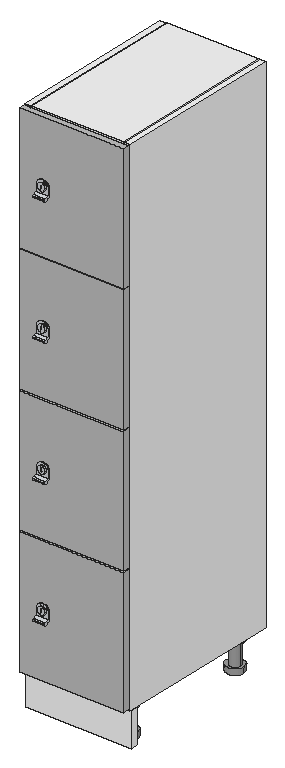
Revit family "1540H Locker Standard Door", category Casework, Revit 2016
Family settings
  OmniClass Number = 23.40.35.00
  OmniClass Title = Casework
  Work Plane-Based = No
  Always vertical = Yes
  Cut with Voids When Loaded = No
  Shared = No
  Room Calculation Point = No
Parameters (values of type "LW315S4ABNP")
  WarrantyGuarantorParts = "www.bisley.com"  # constant formula
  WarrantyGuarantorLabour = "www.bisley.com"  # constant formula
  WarrantyDurationUnit = "Years"  # constant formula
  WarrantyDurationParts = "5"  # constant formula
  WarrantyDurationLabour = "5"  # constant formula
  WarrantyDescription = "5 Years Parts & Labour"  # constant formula
  Uniclass2015Version = "3.1"  # constant formula
  Uniclass2015Title = "Lockers"  # constant formula
  Uniclass2015Code = "Pr_40_30_78_48"  # constant formula
  URL = "www.bisley.com"
  SustainabilityPerformance = "FSC Approved"  # constant formula
  SerialNumber = ""
  NominalWidth = Width  # 300 mm
  NominalLength = Depth  # 500 mm
  NominalHeight = Height  # 1540 mm
  Name = "1540H Standard Door"  # constant formula
  NBSReference = "45-35-80/380"  # constant formula
  NBSDescription = "General fittings, furnishings and equipment system"  # constant formula
  ModelReference = "LW315S4ABNP"
  Model = "Lockerwall"  # constant formula
  Material = "MFC"  # constant formula
  ManufacturerURL = "www.bisley.com"  # constant formula
  Manufacturer = "Bisley"  # constant formula
  ManufactureName = "Bisley"  # constant formula
  M3 Lock = no
  Foot [instance] = Foot 100 : Foot 100
  Finish = "Matt"  # constant formula
  E4 Lock = no
  DurationUnit = "Years"  # constant formula
  Depth = 500 mm
  Height = 1540 mm
  Width = 300 mm
  Carcass Material = "MFC"  # constant formula
  Author = "Bisley"  # constant formula
  AssetType = "Fixed"  # constant formula
  AB Lock = yes
Types (19, lengths in mm): name | NominalWidth | ModelReference | M3 Lock | E4 Lock | Width | AB Lock
  (no name) | 300 | "LW315S4ABNP" | no | no | 300 | yes
  LW315S4ABNP | 300 | "LW315S4ABNP" | no | no | 300 | yes
  LW315S4ABUK | 300 | "LW315S4ABUK" | no | no | 300 | yes
  LW315S4E4NP | 300 | "LW315S4E4NP" | no | yes | 300 | no
  LW315S4E4UK | 300 | "LW315S4E4UK" | no | yes | 300 | no
  LW315S4M3NP | 300 | "LW315S4M3NP" | yes | no | 300 | no
  LW315S4M3UK | 300 | "LW315S4M3UK" | yes | no | 300 | no
  LW415S4ABNP | 400 | "LW415S4ABNP" | no | no | 400 | yes
  LW415S4ABUK | 400 | "LW415S4ABUK" | no | no | 400 | yes
  LW415S4E4NP | 400 | "LW415S4E4NP" | no | yes | 400 | no
  LW415S4E4UK | 400 | "LW415S4E4UK" | no | yes | 400 | no
  LW415S4M3NP | 400 | "LW415S4M3NP" | yes | no | 400 | no
  LW415S4M3UK | 400 | "LW415S4M3UK" | yes | no | 400 | no
  LW515S4ABNP | 500 | "LW515S4ABNP" | no | no | 500 | yes
  LW515S4ABUK | 500 | "LW515S4ABUK" | no | no | 500 | yes
  LW515S4E4NP | 500 | "LW515S4E4NP" | no | yes | 500 | no
  LW515S4E4UK | 500 | "LW515S4E4UK" | no | yes | 500 | no
  LW515S4M3NP | 500 | "LW515S4M3NP" | yes | no | 500 | no
  LW515S4M3UK | 500 | "LW515S4M3UK" | yes | no | 500 | no
Reference planes
  plane 1 "Back": y = 0
  plane 2: z = 0
  plane 3 "Center (Left/Right)": x = 44.7
  plane 4 "Front": y = -500
  plane 5 "Left": x = -105.3
  plane 6 "Right": x = 194.7
  plane 7 "Top": z = 1540
  plane 8 "Base": z = 98
  plane 9 "Base Left": x = -87.3
  plane 10 "Base Right": x = 176.7
  plane 11: y = -482
  plane 12: y = -10.5
  plane 13: y = -29.5
  plane 14 "Back Base": z = 110.5
  plane 15: z = 1527.5
  plane 16: z = 95
  plane 17 "Plinth": y = -477
  plane 18: y = -459
  plane 19: z = 101
  plane 20: z = 457
  plane 21: z = 461
  plane 22: z = 817
  plane 23: z = 821
  plane 24: z = 1177
  plane 25: x = -103.3
  plane 26: x = 192.7
  plane 27 "Shelf 2": z = 810
  plane 28 "Shelf 1": z = 450
  plane 29 "Shelf 3": z = 1170
  plane 30: z = 1181
  plane 31: z = 1537
Forms (mm)
  Extrusion 1, solid, not visible
    sketch origin (-1691.73, 346.204, -12) x (1, 0, 0) y (0, 0, 1)
      loop
        line (48, 12) -> (56, 12) -> (56, 20) -> (48, 20) -> (48, 12)
    from 0 to 26
  Extrusion 2, solid, not visible
    sketch origin (-1683.73, 346.204, -12) x (-1, 0, 0) y (0, 0, -1)
      loop
        line (48, -12) -> (48, -20) -> (56, -20) -> (56, -12) -> (48, -12)
    from 0 to 26
  Extrusion 3, solid, not visible
    sketch origin (-1687.73, 350.204, -3.997) x (0, 1, 0) y (0, 0, 1)
      loop
        line (-26, 3.997) -> (-26, 11.997) -> (-34, 11.997) -> (-34, 3.997) -> (-26, 3.997)
    from -52 to 52
  Extrusion 4, solid, material "MFC 1"
    sketch origin (0, 0, 0) x (1, 0, 0) y (0, 1, 0)
      loop
        line (-105.3, -482) -> (-87.3, -482) -> (-87.3, 0) -> (-105.3, 0) -> (-105.3, -482)
    from 98 to 1540
  Extrusion 5, solid, material "MFC 1"
    sketch origin (0, 0, 98) x (-1, 0, 0) y (0, -1, 0)
      loop
        line (-176.7, 482) -> (-194.7, 482) -> (-194.7, 0) -> (-176.7, 0) -> (-176.7, 482)
    from 0 to 1442
  Extrusion 6, solid, material "MFC 1"
    sketch origin (0, 0, 98) x (-1, 0, 0) y (0, -1, 0)
      loop
        line (87.3, 482) -> (-176.7, 482) -> (-176.7, 0) -> (87.3, 0) -> (87.3, 482)
    from 0 to 18
  Extrusion 7, void
    sketch origin (176.7, 0, 0) x (0, 1, 0) y (0, 0, 1)
      loop
        line (-29.5, 110.5) -> (-10.5, 110.5) -> (-10.5, 116) -> (-29.5, 116) -> (-29.5, 110.5)
    from 0 to -264
  Extrusion 8, solid, material "MFC 1"
    sketch origin (0, 0, 1540) x (0, -1, 0) y (1, 0, 0)
      loop
        line (482, -87.3) -> (482, 176.7) -> (0, 176.7) -> (0, -87.3) -> (482, -87.3)
    from 0 to -15.5
  Extrusion 9, void
    sketch origin (176.7, 0, 0) x (0, 1, 0) y (0, 0, 1)
      loop
        line (-29.5, 1524.5) -> (-10.5, 1524.5) -> (-10.5, 1527.5) -> (-29.5, 1527.5) -> (-29.5, 1524.5)
    from 0 to -264
  Extrusion 10, solid, material "MFC 1"
    sketch origin (0, 0, 110.5) x (0, -1, 0) y (1, 0, 0)
      loop
        line (29.5, -87.3) -> (29.5, 176.7) -> (10.5, 176.7) -> (10.5, -87.3) -> (29.5, -87.3)
    from 0 to 1417
  Extrusion 11, solid, material "MFC 1"
    sketch origin (0, 0, 0) x (1, 0, 0) y (0, 1, 0)
      loop
        line (-105.3, -477) -> (194.7, -477) -> (194.7, -459) -> (-105.3, -459) -> (-105.3, -477)
    from 0 to 95
  Extrusion 12, solid, material "MFC 2"
    sketch origin (0, -500, 0) x (1, 0, 0) y (0, 0, 1)
      loop
        line (-103.3, 821) -> (192.7, 821) -> (192.7, 1177) -> (-103.3, 1177) -> (-103.3, 821)
    from 0 to -18
  Extrusion 13, solid, material "MFC 2"
    sketch origin (0, -500, 0) x (1, 0, 0) y (0, 0, 1)
      loop
        line (-103.3, 461) -> (192.7, 461) -> (192.7, 817) -> (-103.3, 817) -> (-103.3, 461)
    from 0 to -18
  Extrusion 14, solid, material "MFC 2"
    sketch origin (0, -500, 0) x (1, 0, 0) y (0, 0, 1)
      loop
        line (-103.3, 101) -> (192.7, 101) -> (192.7, 457) -> (-103.3, 457) -> (-103.3, 101)
    from 0 to -18
  Extrusion 15, solid, material "MFC 1"
    sketch origin (0, 0, 450) x (-1, 0, 0) y (0, -1, 0)
      loop
        line (87.3, 482) -> (-176.7, 482) -> (-176.7, 29.5) -> (87.3, 29.5) -> (87.3, 482)
    from 0 to 18
  Extrusion 16, solid, material "MFC 1"
    sketch origin (0, 0, 810) x (-1, 0, 0) y (0, -1, 0)
      loop
        line (87.3, 482) -> (-176.7, 482) -> (-176.7, 29.5) -> (87.3, 29.5) -> (87.3, 482)
    from 0 to 18
  Extrusion 17, solid, material "MFC 1"
    sketch origin (0, 0, 1170) x (-1, 0, 0) y (0, -1, 0)
      loop
        line (87.3, 482) -> (-176.7, 482) -> (-176.7, 29.5) -> (87.3, 29.5) -> (87.3, 482)
    from 0 to 18
  Extrusion 18, solid, material "MFC 2"
    sketch origin (0, -500, 0) x (1, 0, 0) y (0, 0, 1)
      loop
        line (-103.3, 1181) -> (192.7, 1181) -> (192.7, 1537) -> (-103.3, 1537) -> (-103.3, 1181)
    from 0 to -18
Cuts and joins
  Extrusion 7, Extrusion 9 cuts Extrusion 5
  Extrusion 7 cuts Extrusion 6
  Extrusion 9 cuts Extrusion 4
  Extrusion 9 cuts Extrusion 8
Dimensions and locks
  "Width": plane 6 "Right" to plane 5 "Left"
  equal spacing: plane 6 "Right", plane 3 "Center (Left/Right)", plane 5 "Left"
  "Depth": plane 4 "Front" to plane 1 "Back"
  "Height": level to plane 7 "Top"
  locked: plane 5 "Left" to plane 9 "Base Left" at 18
  locked: plane 10 "Base Right" to plane 6 "Right" at 18
  locked: plane 7 "Top" to plane 15 at 12.5
  Extrusion 10 to plane 1 "Back" = 10.5 mm
  locked: nested 1 to plane 6 "Right" at 68
  locked: nested 2 to plane 6 "Right" at 68
  locked: plane 1 "Back" to nested 3 at 79.5
  locked: plane 11 to plane 4 "Front" at 18
  locked: plane 17 "Plinth" to plane 4 "Front" at 23
  locked: plane 18 to plane 4 "Front" at 41
  locked: nested 1 to plane 4 "Front" at 91
  locked: plane 5 "Left" to nested 4 at 68
  locked: plane 5 "Left" to nested 3 at 68
  locked: plane 4 "Front" to nested 4 at 91
  locked: plane 6 "Right" to plane 26 at 2
  locked: plane 25 to plane 5 "Left" at 2
  locked: plane 5 "Left" to nested 7 at 51
  locked: plane 5 "Left" to nested 6 at 51
  locked: plane 5 "Left" to nested 5 at 51
  locked: plane 5 "Left" to nested 10 at 40.5
  locked: plane 5 "Left" to nested 9 at 40.5
  locked: plane 5 "Left" to nested 8 at 40.5
  locked: plane 5 "Left" to nested 13 at 54.3
  locked: plane 5 "Left" to nested 12 at 54.3
  locked: plane 5 "Left" to nested 11 at 54.3
  locked: plane 5 "Left" to nested 16 at 40.5
  locked: plane 5 "Left" to nested 14 at 51
  locked: plane 5 "Left" to nested 15 at 54.3
  aligned and locked: level to plane 2
  aligned and locked: Extrusion 4 sketch curve to plane 11
  aligned and locked: Extrusion 4 sketch curve to plane 5 "Left"
  aligned and locked: Extrusion 4 sketch curve to plane 1 "Back"
  aligned and locked: plane 9 "Base Left" to Extrusion 4 sketch curve
  aligned and locked: Extrusion 4 to plane 8 "Base"
  aligned and locked: Extrusion 4 to plane 7 "Top"
  aligned and locked: Extrusion 5 sketch curve to plane 11
  aligned and locked: Extrusion 5 sketch curve to plane 10 "Base Right"
  aligned and locked: Extrusion 5 sketch curve to plane 1 "Back"
  aligned and locked: plane 6 "Right" to Extrusion 5 sketch curve
  aligned and locked: Extrusion 5 to plane 7 "Top"
  aligned and locked: Extrusion 5 to plane 8 "Base"
  aligned and locked: Extrusion 4 to Extrusion 6 sketch curve
  aligned and locked: Extrusion 6 sketch curve to Extrusion 4
  aligned and locked: Extrusion 5 to Extrusion 6 sketch curve
  aligned and locked: Extrusion 6 sketch curve to Extrusion 5
  aligned and locked: plane 6 "Right" to Extrusion 5
  aligned and locked: Extrusion 7 to plane 9 "Base Left"
  aligned and locked: plane 10 "Base Right" to Extrusion 7
  aligned and locked: Extrusion 8 sketch curve to cut or joined group of Extrusion 6, Extrusion 7  (x2)
  aligned and locked: Extrusion 8 sketch curve to Extrusion 4
  aligned and locked: Extrusion 8 sketch curve to cut or joined group of Extrusion 5, Extrusion 7, Extrusion 9
  aligned and locked: plane 15 to Extrusion 9 sketch curve
  aligned and locked: Extrusion 10 sketch curve to cut or joined group of Extrusion 6, Extrusion 7  (x2)
  aligned and locked: cut or joined group of Extrusion 6, Extrusion 7 to Extrusion 10 sketch curve  (x2)
  aligned and locked: Extrusion 10 to plane 14 "Back Base"
  aligned and locked: plane 15 to Extrusion 10
  aligned and locked: Extrusion 9 to plane 9 "Base Left"
  aligned and locked: Extrusion 11 sketch curve to plane 17 "Plinth"
  aligned and locked: Extrusion 11 sketch curve to plane 5 "Left"
  aligned and locked: plane 18 to Extrusion 11 sketch curve
  aligned and locked: plane 6 "Right" to Extrusion 11 sketch curve
  aligned and locked: Extrusion 11 to plane 5 "Left"
  aligned and locked: plane 6 "Right" to Extrusion 11
  aligned and locked: Extrusion 5 to plane 11
  aligned and locked: Extrusion 4 to plane 11
  aligned and locked: Extrusion 12 to plane 25
  aligned and locked: plane 26 to Extrusion 12
  aligned and locked: Extrusion 12 to plane 23
  aligned and locked: plane 24 to Extrusion 12
  aligned and locked: Extrusion 13 sketch curve to plane 21
  aligned and locked: Extrusion 13 sketch curve to plane 25
  aligned and locked: plane 22 to Extrusion 13 sketch curve
  aligned and locked: plane 26 to Extrusion 13 sketch curve
  aligned and locked: Extrusion 14 sketch curve to plane 19
  aligned and locked: Extrusion 14 sketch curve to plane 25
  aligned and locked: plane 20 to Extrusion 14 sketch curve
  aligned and locked: plane 26 to Extrusion 14 sketch curve
  aligned and locked: Extrusion 15 sketch curve to cut or joined group of Extrusion 6, Extrusion 7  (x2)
  aligned and locked: cut or joined group of Extrusion 6, Extrusion 7 to Extrusion 15 sketch curve
  aligned and locked: nested 2 to Extrusion 15 sketch curve
  aligned and locked: Extrusion 16 sketch curve to cut or joined group of Extrusion 6, Extrusion 7  (x2)
  aligned and locked: cut or joined group of Extrusion 6, Extrusion 7 to Extrusion 16 sketch curve
  aligned and locked: nested 2 to Extrusion 16 sketch curve
  aligned and locked: Extrusion 8 to plane 7 "Top"
  aligned and locked: Extrusion 17 sketch curve to cut or joined group of Extrusion 6, Extrusion 7  (x2)
  aligned and locked: cut or joined group of Extrusion 6, Extrusion 7 to Extrusion 17 sketch curve
  aligned and locked: nested 2 to Extrusion 17 sketch curve
  aligned and locked: Extrusion 18 sketch curve to plane 30
  aligned and locked: Extrusion 18 sketch curve to plane 25
  aligned and locked: plane 31 to Extrusion 18 sketch curve
  aligned and locked: plane 26 to Extrusion 18 sketch curve
  aligned and locked: cut or joined group of Extrusion 5, Extrusion 7, Extrusion 9 to Extrusion 8
Automatic sketch dimensions
  Extrusion 1 sketch curve to Extrusion 1 sketch curve = 8 mm  (x2)
  Extrusion 2 sketch curve to Extrusion 2 sketch curve = 8 mm  (x2)
  Extrusion 3 sketch curve to Extrusion 3 sketch curve = 8 mm  (x2)
  Extrusion 7 sketch curve to plane 13 = 0 mm
  Extrusion 7 sketch curve to plane 12 = 0 mm
  Extrusion 7 sketch curve to plane 14 "Back Base" = 0 mm
  Extrusion 7 sketch curve to Extrusion 7 sketch curve = 5.5 mm
  Extrusion 9 sketch curve to plane 13 = 0 mm
  Extrusion 9 sketch curve to plane 12 = 0 mm
  Extrusion 9 sketch curve to Extrusion 9 sketch curve = 3 mm
  plane 24 to Extrusion 12 sketch curve = 0 mm
  Extrusion 12 sketch curve to plane 25 = 0 mm
  plane 26 to Extrusion 12 sketch curve = 0 mm
  Extrusion 12 sketch curve to plane 23 = 0 mm
Nested families
  nested 1: "Foot 100" at (196.401, -409, 0) x (-1, 0, 0) z (0, 0, 1), type "Foot 100"
  nested 2: "Foot 100" at (196.401, -29.5, 0) x (-1, 0, 0) z (0, 0, 1), type "Foot 100"
  nested 3: "Foot 100" at (-107, -29.5, 0), type "Foot 100"
  nested 4: "Foot 100" at (-107, -409, 0), type "Foot 100"
  nested 5: "AB Lock" at (-82, -500, 253), visible <- "AB Lock", type "AB Lock"
  nested 6: "AB Lock" at (-82, -500, 613), visible <- "AB Lock", type "AB Lock"
  nested 7: "AB Lock" at (-82, -500, 973), visible <- "AB Lock", type "AB Lock"
  nested 8: "M3 Lock" at (-93, -500, 256), visible <- "M3 Lock", type "M3 Lock"
  nested 9: "M3 Lock" at (-93, -500, 616), visible <- "M3 Lock", type "M3 Lock"
  nested 10: "M3 Lock" at (-93, -500, 976), visible <- "M3 Lock", type "M3 Lock"
  nested 11: "E4 Lock" at (-83, -500, 265), visible <- "E4 Lock", type "E4 Lock"
  nested 12: "E4 Lock" at (-83, -500, 625), visible <- "E4 Lock", type "E4 Lock"
  nested 13: "E4 Lock" at (-83, -500, 985), visible <- "E4 Lock", type "E4 Lock"
  nested 14: "AB Lock" at (-82, -500, 1333), visible <- "AB Lock", type "AB Lock"
  nested 15: "E4 Lock" at (-83, -500, 1345), visible <- "E4 Lock", type "E4 Lock"
  nested 16: "M3 Lock" at (-93, -500, 1336), visible <- "M3 Lock", type "M3 Lock"
Definition of nested family "Foot 100"
  Parameters (values of type "Foot 100")
    WarrantyGuarantorParts = "www.bisley.com"  # constant formula
    WarrantyGuarantorLabour = "www.bisley.com"  # constant formula
    WarrantyDurationUnit = "Years"  # constant formula
    WarrantyDurationParts = "5"  # constant formula
    WarrantyDurationLabour = "5"  # constant formula
    WarrantyDescription = "5 Years Parts & Labour"  # constant formula
    Uniclass2015Version = ""
    Uniclass2015Title = ""
    Uniclass2015Code = ""
    URL = "www.bisley.com"
    SustainabilityPerformance = "FSC Approved"  # constant formula
    SerialNumber = ""
    NominalWidth = Width  # 50 mm
    NominalLength = Depth  # 50 mm
    NominalHeight = Height  # 900 mm
    Name = ""
    NBSReference = ""
    NBSDescription = "General fittings, furnishings and equipment system"  # constant formula
    ModelReference = ""
    Model = "Abode"  # constant formula
    Material = "MFC"  # constant formula
    ManufacturerURL = "www.bisley.com"  # constant formula
    Manufacturer = "Bisley"  # constant formula
    ManufactureName = "Bisley"  # constant formula
    Finish = "Matt"  # constant formula
    ExpectedLife = "25"  # constant formula
    DurationUnit = "Years"  # constant formula
    Depth = 50 mm
    Height = 900 mm
    Width = 50 mm
    Carcass Material = "MFC"  # constant formula
    Author = "Bisley"  # constant formula
    AssetType = "Fixed"  # constant formula
  Reference planes
    plane 1 "Back": y = 0
    plane 2: z = 0
    plane 3 "Center (Left/Right)": x = 44.7
    plane 4 "Front": y = -50
    plane 5 "Left": x = 19.7
    plane 6 "Right": x = 69.7
    plane 7 "Top": z = 900
    plane 8: y = -25
    plane 9 "Foot top": z = 98
    plane 10: y = 0
    plane 11: y = -50
    plane 12: x = 19.7
    plane 13: x = 69.7
    plane 14: x = 24.7
    plane 15: y = -5
  Forms (mm)
    Extrusion 1, solid, not visible
      sketch origin (-1691.73, 346.204, -12) x (1, 0, 0) y (0, 0, 1)
        loop
          line (48, 12) -> (56, 12) -> (56, 20) -> (48, 20) -> (48, 12)
      from 0 to 26
    Extrusion 2, solid, not visible
      sketch origin (-1683.73, 346.204, -12) x (-1, 0, 0) y (0, 0, -1)
        loop
          line (48, -12) -> (48, -20) -> (56, -20) -> (56, -12) -> (48, -12)
      from 0 to 26
    Extrusion 3, solid, not visible
      sketch origin (-1687.73, 350.204, -3.997) x (0, 1, 0) y (0, 0, 1)
        loop
          line (-26, 3.997) -> (-26, 11.997) -> (-34, 11.997) -> (-34, 3.997) -> (-26, 3.997)
      from -52 to 52
    Extrusion 4, solid
      sketch origin (0, 275, 0) x (1, 0, 0) y (0, 1, 0)
        loop
          circle (44.7, -300) r 25
      from 0 to 15
    Extrusion 5, solid
      sketch origin (0, 275, 0) x (1, 0, 0) y (0, 1, 0)
        loop
          circle (44.7, -300) r 15
      from 15 to 78
    Extrusion 6, solid
      sketch origin (0, 275, 0) x (1, 0, 0) y (0, 1, 0)
        loop
          circle (44.7, -300) r 25
      from 78 to 98
    Extrusion 7, solid
      sketch origin (0, 275, 98) x (-1, 0, 0) y (0, -1, 0)
        loop
          line (-19.7, 325) -> (-69.7, 325) -> (-69.7, 275) -> (-19.7, 275) -> (-19.7, 325)
      from 0 to -10
    Extrusion 8, void
      sketch origin (0, 275, 98) x (-1, 0, 0) y (0, -1, 0)
        loop
          circle (-24.7, 280) r 2.5
      from 0 to -10
    Extrusion 9, void
      sketch origin (89.401, 275, 98) x (1, 0, 0) y (0, 1, 0)
        loop
          circle (-24.7, -280) r 2.5
      from 0 to -10
    Extrusion 10, void
      sketch origin (0, -325, 98) x (-1, 0, 0) y (0, -1, 0)
        loop
          circle (-24.7, -280) r 2.5
      from 0 to -10
    Extrusion 11, void
      sketch origin (89.401, -325, 98) x (1, 0, 0) y (0, 1, 0)
        loop
          circle (-24.7, 280) r 2.5
      from 0 to -10
  Cuts and joins
    Extrusion 8, Extrusion 9, Extrusion 10, Extrusion 11 cuts Extrusion 4
    Extrusion 8, Extrusion 9, Extrusion 10, Extrusion 11 cuts Extrusion 5
    Extrusion 8, Extrusion 9, Extrusion 10, Extrusion 11 cuts Extrusion 6
    Extrusion 8, Extrusion 9, Extrusion 10, Extrusion 11 cuts Extrusion 7
    joined: Extrusion 4, Extrusion 5, Extrusion 6, Extrusion 7
  Dimensions and locks
    "Width": plane 6 "Right" to plane 5 "Left"
    equal spacing: plane 6 "Right", plane 3 "Center (Left/Right)", plane 5 "Left"
    "Depth": plane 4 "Front" to plane 1 "Back"
    "Height": level to plane 7 "Top"
    aligned and locked: level to plane 2
    aligned and locked: Extrusion 5 to Extrusion 4
    aligned and locked: Extrusion 4 to level
    aligned and locked: Extrusion 6 to Extrusion 5
    aligned and locked: plane 9 "Foot top" to Extrusion 6
  Automatic sketch dimensions
    Extrusion 1 sketch curve to Extrusion 1 sketch curve = 8 mm  (x2)
    Extrusion 2 sketch curve to Extrusion 2 sketch curve = 8 mm  (x2)
    Extrusion 3 sketch curve to Extrusion 3 sketch curve = 8 mm  (x2)
    Extrusion 4 sketch curve to plane 3 "Center (Left/Right)" = 0 mm
    plane 8 to Extrusion 4 sketch curve = 0 mm
    Extrusion 5 sketch curve to plane 3 "Center (Left/Right)" = 0 mm
    plane 8 to Extrusion 5 sketch curve = 0 mm
    Extrusion 6 sketch curve to plane 3 "Center (Left/Right)" = 0 mm
    plane 8 to Extrusion 6 sketch curve = 0 mm
    Extrusion 7 sketch curve to plane 11 = 0 mm
    Extrusion 7 sketch curve to plane 13 = 0 mm
    plane 10 to Extrusion 7 sketch curve = 0 mm
    Extrusion 7 sketch curve to plane 12 = 0 mm
    Extrusion 8 sketch curve to plane 14 = 0 mm
    Extrusion 8 sketch curve to plane 15 = 0 mm
    plane 15 to Extrusion 9 sketch curve = 0 mm
    plane 13 to Extrusion 9 sketch curve = 5 mm
    Extrusion 10 sketch curve to plane 14 = 0 mm
    Extrusion 10 sketch curve to plane 11 = 5 mm
    Extrusion 11 sketch curve to plane 13 = 5 mm
    plane 11 to Extrusion 11 sketch curve = 5 mm
    radius of Extrusion 4 sketch curve = 25 mm
    radius of Extrusion 5 sketch curve = 15 mm
    radius of Extrusion 6 sketch curve = 25 mm
    radius of Extrusion 8 sketch curve = 2.5 mm
    radius of Extrusion 9 sketch curve = 2.5 mm
    radius of Extrusion 10 sketch curve = 2.5 mm
    radius of Extrusion 11 sketch curve = 2.5 mm
Definition of nested family "AB Lock"
  Parameters (values of type "AB Lock")
    WarrantyGuarantorParts = "www.bisley.com"  # constant formula
    WarrantyGuarantorLabour = "www.bisley.com"  # constant formula
    WarrantyDurationUnit = "Years"  # constant formula
    WarrantyDurationParts = "5"  # constant formula
    WarrantyDurationLabour = "5"  # constant formula
    WarrantyDescription = "5 Years Parts & Labour"  # constant formula
    Uniclass2015Version = ""
    Uniclass2015Title = ""
    Uniclass2015Code = ""
    URL = "www.bisley.com"
    SustainabilityPerformance = "FSC Approved"  # constant formula
    SerialNumber = ""
    NominalWidth = Width  # 34 mm
    NominalLength = Depth  # 15 mm
    NominalHeight = Height  # 45 mm
    Name = ""
    NBSReference = ""
    NBSDescription = "General fittings, furnishings and equipment system"  # constant formula
    ModelReference = ""
    Model = "Abode"  # constant formula
    Material = "MFC"  # constant formula
    ManufacturerURL = "www.bisley.com"  # constant formula
    Manufacturer = "Bisley"  # constant formula
    ManufactureName = "Bisley"  # constant formula
    Finish = "Matt"  # constant formula
    ExpectedLife = "25"  # constant formula
    DurationUnit = "Years"  # constant formula
    Depth = 15 mm
    Height = 45 mm
    Width = 34 mm
    Carcass Material = "MFC"  # constant formula
    Author = "Bisley"  # constant formula
    AssetType = "Fixed"  # constant formula
  Reference planes
    plane 1 "Back": y = 0
    plane 2: z = 0
    plane 3 "Center (Left/Right)": x = 44.7
    plane 4 "Front": y = -15
    plane 5 "Left": x = 27.7
    plane 6 "Right": x = 61.7
    plane 7 "Top": z = 45
    plane 8: z = 28
    plane 9: z = 3
    plane 10: x = 31.2
    plane 11: x = 58.2
    plane 12: z = 6
    plane 13: y = -12
    plane 14: z = 10
    plane 15 "Lockback": y = -3
    plane 16: x = 43.2
    plane 17: x = 46.2
    plane 18: z = 32
    plane 19: z = 24
  Forms (mm)
    Extrusion 1, solid, not visible
      sketch origin (-1691.73, 346.204, -12) x (1, 0, 0) y (0, 0, 1)
        loop
          line (48, 12) -> (56, 12) -> (56, 20) -> (48, 20) -> (48, 12)
      from 0 to 26
    Extrusion 2, solid, not visible
      sketch origin (-1683.73, 346.204, -12) x (-1, 0, 0) y (0, 0, -1)
        loop
          line (48, -12) -> (48, -20) -> (56, -20) -> (56, -12) -> (48, -12)
      from 0 to 26
    Extrusion 3, solid, not visible
      sketch origin (-1687.73, 350.204, -3.997) x (0, 1, 0) y (0, 0, 1)
        loop
          line (-26, 3.997) -> (-26, 11.997) -> (-34, 11.997) -> (-34, 3.997) -> (-26, 3.997)
      from -52 to 52
    Extrusion 4, solid
      sketch origin (0, 0, 0) x (1, 0, 0) y (0, 0, 1)
        loop
          line (27.7, 28) -> (27.7, 6) -> (61.7, 6) -> (61.7, 28)
          arc (61.7, 28) -> (44.7, 45) -> (27.7, 28) r 17
      from 0 to 3
    Extrusion 5, solid
      sketch origin (27.7, 0, 0) x (0, 1, 0) y (0, 0, 1)
        loop
          circle (-12, 3) r 3
      from 0 to 34
    Extrusion 6, solid
      sketch origin (27.7, 0, 0) x (0, 1, 0) y (0, 0, 1)
        loop
          line (0, 6) -> (-3, 10)
          arc (-3, 10) -> (-7.815, 8.71) -> (-12, 6) r 16
          arc (-12, 6) -> (-9.879, 5.121) -> (-9, 3) r 3
          arc (-9, 3) -> (-4.809, 5.427) -> (0, 6) r 12
      from 0 to 34
    Extrusion 7, void
      sketch origin (27.7, 0, 0) x (0, 1, 0) y (0, 0, 1)
        loop
          line (-3, 10) -> (-3, 6) -> (0, 6) -> (-3, 10)
      from 0 to 34
    Extrusion 8, solid
      sketch origin (0, -3, 0) x (-1, 0, 0) y (0, 0, 1)
        loop
          circle (-44.7, 28) r 10.5
      from 0 to -3
    Extrusion 9, void
      sketch origin (0, -3, 0) x (-1, 0, 0) y (0, 0, 1)
        loop
          line (-43.2, 24) -> (-43.2, 32) -> (-46.2, 32) -> (-46.2, 24) -> (-43.2, 24)
      from 0 to -3
  Cuts and joins
    Extrusion 7, Extrusion 9 cuts Extrusion 4
    Extrusion 9 cuts Extrusion 5
    Extrusion 9 cuts Extrusion 6
    joined: Extrusion 4, Extrusion 5, Extrusion 6
    Extrusion 9 cuts Extrusion 8
  Lines and regions (mm)
    reference lines
      curve 1: arc (27.7, 0, 6) -> (27.7, -4.809, 5.427) -> (27.7, -9, 3) r 12
      curve 2: arc (27.7, -3, 10) -> (27.7, -7.815, 8.71) -> (27.7, -12, 6) r 16
  Dimensions and locks
    "Width": plane 6 "Right" to plane 5 "Left"
    equal spacing: plane 6 "Right", plane 3 "Center (Left/Right)", plane 5 "Left"
    "Depth": plane 4 "Front" to plane 1 "Back"
    "Height": level to plane 7 "Top"
    aligned and locked: level to plane 2
  Automatic sketch dimensions
    Extrusion 1 sketch curve to Extrusion 1 sketch curve = 8 mm  (x2)
    Extrusion 2 sketch curve to Extrusion 2 sketch curve = 8 mm  (x2)
    Extrusion 3 sketch curve to Extrusion 3 sketch curve = 8 mm  (x2)
    Extrusion 4 sketch curve to plane 5 "Left" = 0 mm
    Extrusion 4 sketch curve to plane 6 "Right" = 0 mm
    Extrusion 4 sketch curve to plane 12 = 0 mm
    Extrusion 4 sketch curve to plane 8 = 0 mm
    Extrusion 5 sketch curve to plane 9 = 0 mm
    Extrusion 5 sketch curve to plane 13 = 0 mm
    curve 2 to plane 12 = 0 mm
    curve 2 to plane 13 = 0 mm
    curve 1 to plane 9 = 0 mm
    plane 14 to curve 2 = 0 mm
    curve 1 to plane 1 "Back" = 0 mm
    curve 1 to plane 12 = 0 mm
    plane 1 "Back" to curve 2 = 1.317 mm
    curve 2 to curve 1 = 0.303 mm
    curve 2 to level = 5.911 mm
    curve 1 to curve 2 = 0.046 mm
    Extrusion 6 sketch curve to plane 12 = 0 mm  (x2)
    Extrusion 6 sketch curve to plane 13 = 0 mm
    Extrusion 6 sketch curve to plane 9 = 0 mm
    plane 14 to Extrusion 6 sketch curve = 0 mm
    Extrusion 6 sketch curve to plane 1 "Back" = 0 mm
    plane 1 "Back" to Extrusion 6 sketch curve = 3 mm
    plane 1 "Back" to Extrusion 6 sketch curve = 1.317 mm
    Extrusion 6 sketch curve to Extrusion 6 sketch curve = 0.303 mm
    Extrusion 7 sketch curve to plane 12 = 0 mm
    plane 14 to Extrusion 7 sketch curve = 0 mm
    Extrusion 7 sketch curve to plane 1 "Back" = 0 mm
    plane 1 "Back" to Extrusion 7 sketch curve = 3 mm
    Extrusion 8 sketch curve to plane 3 "Center (Left/Right)" = 0 mm
    Extrusion 8 sketch curve to plane 8 = 0 mm
    Extrusion 9 sketch curve to plane 17 = 0 mm
    Extrusion 9 sketch curve to plane 16 = 0 mm
    Extrusion 9 sketch curve to plane 19 = 0 mm
    Extrusion 9 sketch curve to plane 18 = 0 mm
    radius of Extrusion 5 sketch curve = 3 mm
    radius of Extrusion 8 sketch curve = 10.5 mm
Definition of nested family "M3 Lock"
  Parameters (values of type "M3 Lock")
    WarrantyGuarantorParts = "www.bisley.com"  # constant formula
    WarrantyGuarantorLabour = "www.bisley.com"  # constant formula
    WarrantyDurationUnit = "Years"  # constant formula
    WarrantyDurationParts = "5"  # constant formula
    WarrantyDurationLabour = "5"  # constant formula
    WarrantyDescription = "5 Years Parts & Labour"  # constant formula
    Uniclass2015Version = ""
    Uniclass2015Title = ""
    Uniclass2015Code = ""
    URL = "www.bisley.com"
    SustainabilityPerformance = "FSC Approved"  # constant formula
    SerialNumber = ""
    NominalWidth = Width  # 33 mm
    NominalLength = Depth  # 21.5 mm
    NominalHeight = Height  # 83.5 mm
    Name = ""
    NBSReference = ""
    NBSDescription = "General fittings, furnishings and equipment system"  # constant formula
    ModelReference = ""
    Model = "Abode"  # constant formula
    Material = "MFC"  # constant formula
    ManufacturerURL = "www.bisley.com"  # constant formula
    Manufacturer = "Bisley"  # constant formula
    ManufactureName = "Bisley"  # constant formula
    Finish = "Matt"  # constant formula
    ExpectedLife = "25"  # constant formula
    DurationUnit = "Years"  # constant formula
    Depth = 21.5 mm
    Height = 83.5 mm
    Width = 33 mm
    Carcass Material = "MFC"  # constant formula
    Author = "Bisley"  # constant formula
    AssetType = "Fixed"  # constant formula
  Reference planes
    plane 1 "Back": y = 0
    plane 2: z = 0
    plane 3 "Center (Left/Right)": x = 44.7
    plane 4 "Front": y = -21.5
    plane 5 "Left": x = 28.2
    plane 6 "Right": x = 61.2
    plane 7 "Top": z = 83.5
    plane 8 "BackFront": y = -3.045
    plane 9: x = 32.2
    plane 10: z = 79.5
    plane 11: x = 57.2
    plane 12: z = 4
    plane 13: x = 32.2
    plane 14: x = 57.2
    plane 15 "Barrel Base": z = 30.5
    plane 16: x = 40.5
    plane 17: x = 48.9
    plane 18: y = -4.445
    plane 19: z = 74.5
    plane 20 "L4": z = 69.8
    plane 21: z = 64.9
    plane 22 "L3": z = 60.2
    plane 23: z = 55.3
    plane 24 "L2": z = 50.6
    plane 25: z = 45.7
    plane 26 "L1": z = 41
    plane 27: x = 38.2
    plane 28: x = 51.2
    plane 29: y = -4.945
    plane 30: z = 40.5
    plane 31 "l-1": z = 38.5
    plane 32: z = 16
    plane 33: y = -9.045
    plane 34 "Thumbturn": y = -19.5
    plane 35: x = 43.2
    plane 36: x = 46.2
    plane 37: z = 20
    plane 38: z = 12
  Forms (mm)
    Extrusion 1, solid, not visible
      sketch origin (-1691.73, 346.204, -12) x (1, 0, 0) y (0, 0, 1)
        loop
          line (48, 12) -> (56, 12) -> (56, 20) -> (48, 20) -> (48, 12)
      from 0 to 26
    Extrusion 2, solid, not visible
      sketch origin (-1683.73, 346.204, -12) x (-1, 0, 0) y (0, 0, -1)
        loop
          line (48, -12) -> (48, -20) -> (56, -20) -> (56, -12) -> (48, -12)
      from 0 to 26
    Extrusion 3, solid, not visible
      sketch origin (-1687.73, 350.204, -3.997) x (0, 1, 0) y (0, 0, 1)
        loop
          line (-26, 3.997) -> (-26, 11.997) -> (-34, 11.997) -> (-34, 3.997) -> (-26, 3.997)
      from -52 to 52
    Extrusion 4, solid
      sketch origin (0, 0, 0) x (1, 0, 0) y (0, 0, 1)
        loop
          line (28.2, 0) -> (61.2, 0) -> (61.2, 83.5) -> (28.2, 83.5) -> (28.2, 0)
      from 0 to 3
    Extrusion 5, void
      sketch origin (0, 0, 0) x (1, 0, 0) y (0, 0, 1)
        loop
          arc (28.2, 79.5) -> (29.372, 82.328) -> (32.2, 83.5) r 4
          line (32.2, 83.5) -> (28.2, 83.5) -> (28.2, 79.5)
      from 0 to 3
    Extrusion 6, void
      sketch origin (0, 0, 0) x (1, 0, 0) y (0, 0, 1)
        loop
          arc (57.2, 83.5) -> (60.029, 82.328) -> (61.2, 79.5) r 4
          line (61.2, 79.5) -> (61.2, 83.5) -> (57.2, 83.5)
      from 0 to 3
    Extrusion 7, void
      sketch origin (0, 0, 0) x (1, 0, 0) y (0, 0, 1)
        loop
          arc (32.2, 0) -> (29.372, 1.172) -> (28.2, 4) r 4
          line (28.2, 4) -> (28.2, 0) -> (32.2, 0)
      from 0 to 3
    Extrusion 8, void
      sketch origin (0, 0, 0) x (1, 0, 0) y (0, 0, 1)
        loop
          line (57.2, 0) -> (61.2, 0) -> (61.2, 4)
          arc (61.2, 4) -> (60.029, 1.172) -> (57.2, 0) r 4
      from 0 to 3
    Extrusion 9, solid
      sketch origin (0, 0, 30.5) x (-1, 0, 0) y (0, -1, 0)
        loop
          arc (-40.5, 3) -> (-44.7, 4.445) -> (-48.9, 3) r 6.827
          line (-48.9, 3) -> (-40.5, 3)
      from 0 to 49
    Extrusion 10, solid
      sketch origin (0, 0, 41) x (-1, 0, 0) y (0, -1, 0)
        loop
          arc (-38.2, 3) -> (-44.7, 4.945) -> (-51.2, 3) r 11.835
          line (-51.2, 3) -> (-38.2, 3)
      from 0 to 4.7
    Extrusion 11, solid
      sketch origin (0, 0, 50.6) x (-1, 0, 0) y (0, -1, 0)
        loop
          arc (-38.2, 3) -> (-44.7, 4.945) -> (-51.2, 3) r 11.835
          line (-51.2, 3) -> (-38.2, 3)
      from 0 to 4.7
    Extrusion 12, solid
      sketch origin (0, 0, 60.2) x (-1, 0, 0) y (0, -1, 0)
        loop
          arc (-38.2, 3) -> (-44.7, 4.945) -> (-51.2, 3) r 11.835
          line (-51.2, 3) -> (-38.2, 3)
      from 0 to 4.7
    Extrusion 13, solid
      sketch origin (0, 0, 69.8) x (-1, 0, 0) y (0, -1, 0)
        loop
          arc (-38.2, 3) -> (-44.7, 4.945) -> (-51.2, 3) r 11.835
          line (-51.2, 3) -> (-38.2, 3)
      from 0 to 4.7
    Extrusion 14, solid
      sketch origin (0, 0, 38.5) x (-1, 0, 0) y (0, -1, 0)
        loop
          arc (-38.2, 3) -> (-44.7, 4.945) -> (-51.2, 3) r 11.835
          line (-51.2, 3) -> (-38.2, 3)
      from 0 to 2
    Extrusion 15, solid
      sketch origin (0, -3.045, 0) x (-1, 0, 0) y (0, 0, 1)
        loop
          circle (-44.7, 16) r 14.25
      from 0 to -4
    Extrusion 16, solid
      sketch origin (0, -3.045, 0) x (-1, 0, 0) y (0, 0, 1)
        loop
          circle (-44.7, 16) r 12.7
      from 0 to -18.455
    Extrusion 17, void
      sketch origin (0, -21.5, 0) x (1, 0, 0) y (0, 0, 1)
        loop
          circle (44.7, 16) r 7.362
      from 0 to -1
    Extrusion 18, solid
      sketch origin (0, -21.5, 0) x (1, 0, 0) y (0, 0, 1)
        loop
          line (40.5, 29.617) -> (40.5, 27.985)
          arc (40.5, 27.985) -> (44.7, 28.7) -> (48.9, 27.985) r 12.7
          line (48.9, 27.985) -> (48.9, 29.617)
          arc (48.9, 29.617) -> (44.7, 30.25) -> (40.5, 29.617) r 14.25
      from 0 to -14.5
    Extrusion 19, solid
      sketch origin (0, -20.483, 0) x (1, 0, 0) y (0, 0, 1)
        loop
          circle (44.7, 16) r 13.48
      from 0 to -1.5
    Extrusion 20, void
      sketch origin (0, -21.5, 0) x (1, 0, 0) y (0, 0, 1)
        loop
          line (43.2, 12) -> (46.2, 12) -> (46.2, 20) -> (43.2, 20) -> (43.2, 12)
      from 0 to -10.5
  Cuts and joins
    Extrusion 5, Extrusion 6, Extrusion 7, Extrusion 8, Extrusion 17, Extrusion 20 cuts Extrusion 4
    Extrusion 17, Extrusion 20 cuts Extrusion 9
    Extrusion 17, Extrusion 20 cuts Extrusion 10
    Extrusion 17, Extrusion 20 cuts Extrusion 11
    Extrusion 17, Extrusion 20 cuts Extrusion 12
    Extrusion 17, Extrusion 20 cuts Extrusion 13
    Extrusion 17, Extrusion 20 cuts Extrusion 14
    Extrusion 17, Extrusion 20 cuts Extrusion 15
    Extrusion 17, Extrusion 20 cuts Extrusion 16
    Extrusion 20 cuts Extrusion 18
    Extrusion 20 cuts Extrusion 19
    joined: Extrusion 4, Extrusion 9, Extrusion 10, Extrusion 11, Extrusion 12, Extrusion 13, Extrusion 14, Extrusion 15, Extrusion 16, Extrusion 18, Extrusion 19
  Dimensions and locks
    "Width": plane 6 "Right" to plane 5 "Left"
    equal spacing: plane 6 "Right", plane 3 "Center (Left/Right)", plane 5 "Left"
    "Depth": plane 4 "Front" to plane 1 "Back"
    "Height": level to plane 7 "Top"
    aligned and locked: level to plane 2
    aligned and locked: plane 10 to Extrusion 9
    aligned and locked: Extrusion 9 to plane 15 "Barrel Base"
    aligned and locked: Extrusion 4 to plane 7 "Top"
    aligned and locked: plane 6 "Right" to Extrusion 4
    aligned and locked: Extrusion 4 to plane 5 "Left"
    aligned and locked: Extrusion 4 to level
  Automatic sketch dimensions
    Extrusion 1 sketch curve to Extrusion 1 sketch curve = 8 mm  (x2)
    Extrusion 2 sketch curve to Extrusion 2 sketch curve = 8 mm  (x2)
    Extrusion 3 sketch curve to Extrusion 3 sketch curve = 8 mm  (x2)
    Extrusion 4 sketch curve to plane 5 "Left" = 0 mm
    Extrusion 4 sketch curve to plane 6 "Right" = 0 mm
    Extrusion 4 sketch curve to level = 0 mm
    Extrusion 4 sketch curve to plane 7 "Top" = 0 mm
    Extrusion 5 sketch curve to plane 7 "Top" = 0 mm
    Extrusion 5 sketch curve to plane 9 = 0 mm
    Extrusion 5 sketch curve to plane 10 = 0 mm
    Extrusion 6 sketch curve to plane 7 "Top" = 0 mm  (x2)
    Extrusion 6 sketch curve to plane 11 = 0 mm
    Extrusion 6 sketch curve to plane 6 "Right" = 0 mm
    Extrusion 6 sketch curve to plane 10 = 0 mm
    Extrusion 7 sketch curve to level = 0 mm
    Extrusion 7 sketch curve to plane 5 "Left" = 0 mm
    plane 9 to Extrusion 7 sketch curve = 0 mm  (x2)
    Extrusion 7 sketch curve to plane 12 = 0 mm
    Extrusion 8 sketch curve to level = 0 mm
    plane 11 to Extrusion 8 sketch curve = 0 mm
    Extrusion 8 sketch curve to plane 12 = 0 mm
    Extrusion 9 sketch curve to plane 17 = 0 mm
    Extrusion 9 sketch curve to plane 16 = 0 mm
    Extrusion 9 sketch curve to plane 1 "Back" = 2.382 mm
    plane 8 "BackFront" to Extrusion 9 sketch curve = 0.045 mm
    Extrusion 10 sketch curve to plane 28 = 0 mm
    Extrusion 10 sketch curve to plane 27 = 0 mm
    Extrusion 10 sketch curve to plane 1 "Back" = 6.89 mm
    plane 8 "BackFront" to Extrusion 10 sketch curve = 0.045 mm
    Extrusion 11 sketch curve to plane 28 = 0 mm
    Extrusion 11 sketch curve to plane 27 = 0 mm
    Extrusion 11 sketch curve to plane 1 "Back" = 6.89 mm
    plane 8 "BackFront" to Extrusion 11 sketch curve = 0.045 mm
    Extrusion 12 sketch curve to plane 28 = 0 mm
    Extrusion 12 sketch curve to plane 27 = 0 mm
    Extrusion 12 sketch curve to plane 1 "Back" = 6.89 mm
    plane 8 "BackFront" to Extrusion 12 sketch curve = 0.045 mm
    Extrusion 13 sketch curve to plane 28 = 0 mm
    Extrusion 13 sketch curve to plane 27 = 0 mm
    Extrusion 13 sketch curve to plane 1 "Back" = 6.89 mm
    plane 8 "BackFront" to Extrusion 13 sketch curve = 0.045 mm
    Extrusion 14 sketch curve to plane 28 = 0 mm
    Extrusion 14 sketch curve to plane 27 = 0 mm
    Extrusion 14 sketch curve to plane 1 "Back" = 6.89 mm
    plane 8 "BackFront" to Extrusion 14 sketch curve = 0.045 mm
    Extrusion 15 sketch curve to plane 3 "Center (Left/Right)" = 0 mm
    Extrusion 15 sketch curve to plane 32 = 0 mm
    Extrusion 16 sketch curve to plane 3 "Center (Left/Right)" = 0 mm
    Extrusion 16 sketch curve to plane 32 = 0 mm
    Extrusion 17 sketch curve to plane 3 "Center (Left/Right)" = 0 mm
    Extrusion 17 sketch curve to plane 32 = 0 mm
    Extrusion 18 sketch curve to Extrusion 18 sketch curve = 0 mm  (x2)
    Extrusion 18 sketch curve to plane 16 = 0 mm
    Extrusion 18 sketch curve to plane 3 "Center (Left/Right)" = 0 mm
    Extrusion 18 sketch curve to plane 17 = 0 mm
    Extrusion 18 sketch curve to plane 32 = 0 mm
    Extrusion 18 sketch curve to plane 15 "Barrel Base" = 2.515 mm
    Extrusion 18 sketch curve to plane 15 "Barrel Base" = 0.883 mm
    Extrusion 19 sketch curve to plane 3 "Center (Left/Right)" = 0 mm
    Extrusion 19 sketch curve to plane 32 = 0 mm
    Extrusion 20 sketch curve to plane 35 = 0 mm
    Extrusion 20 sketch curve to plane 36 = 0 mm
    Extrusion 20 sketch curve to plane 38 = 0 mm
    Extrusion 20 sketch curve to plane 37 = 0 mm
    radius of Extrusion 15 sketch curve = 14.25 mm
    radius of Extrusion 16 sketch curve = 12.7 mm
    radius of Extrusion 17 sketch curve = 7.362 mm
    radius of Extrusion 19 sketch curve = 13.48 mm
Definition of nested family "E4 Lock"
  Parameters (values of type "E4 Lock")
    WarrantyGuarantorParts = "www.bisley.com"  # constant formula
    WarrantyGuarantorLabour = "www.bisley.com"  # constant formula
    WarrantyDurationUnit = "Years"  # constant formula
    WarrantyDurationParts = "5"  # constant formula
    WarrantyDurationLabour = "5"  # constant formula
    WarrantyDescription = "5 Years Parts & Labour"  # constant formula
    Uniclass2015Version = ""
    Uniclass2015Title = ""
    Uniclass2015Code = ""
    URL = "www.bisley.com"
    SustainabilityPerformance = "FSC Approved"  # constant formula
    SerialNumber = ""
    NominalWidth = Width  # 25.4 mm
    NominalLength = Depth  # 20.4 mm
    NominalHeight = Height  # 101 mm
    Name = ""
    NBSReference = ""
    NBSDescription = "General fittings, furnishings and equipment system"  # constant formula
    ModelReference = ""
    Model = "Abode"  # constant formula
    Material = "MFC"  # constant formula
    ManufacturerURL = "www.bisley.com"  # constant formula
    Manufacturer = "Bisley"  # constant formula
    ManufactureName = "Bisley"  # constant formula
    Finish = "Matt"  # constant formula
    ExpectedLife = "25"  # constant formula
    DurationUnit = "Years"  # constant formula
    Depth = 20.4 mm
    Height = 101 mm
    Width = 25.4 mm
    Carcass Material = "MFC"  # constant formula
    Author = "Bisley"  # constant formula
    AssetType = "Fixed"  # constant formula
  Reference planes
    plane 1 "Back": y = 0
    plane 2: z = 0
    plane 3 "Center (Left/Right)": x = 44.7
    plane 4 "Front": y = -20.4
    plane 5 "Left": x = 32
    plane 6 "Right": x = 57.4
    plane 7 "Top": z = 101
    plane 8 "Back Front": y = -13.4
    plane 9: x = 35
    plane 10: x = 54.4
    plane 11: x = 35
    plane 12: x = 54.4
    plane 13: z = 3
    plane 14: z = 98
    plane 15 "Numbers": y = -14.4
    plane 16: z = 94
    plane 17: z = 87
    plane 18: z = 84.5
    plane 19: z = 77.5
    plane 20: z = 75
    plane 21: z = 68
    plane 22: z = 65.5
    plane 23: z = 58.5
    plane 24: z = 56
    plane 25: z = 49
    plane 26: z = 46.5
    plane 27: z = 39.5
    plane 28: z = 37
    plane 29: z = 32
    plane 30: z = 5.5
    plane 31: z = 25
    plane 32: z = 23
    plane 33: x = 36
    plane 34: x = 53.4
    plane 35: x = 44.5
    plane 36: x = 44.9
    plane 37: x = 37.98
    plane 38: x = 51.4
    plane 39: z = 35.539
    plane 40: z = 33.5
    plane 41: z = 28.5
    plane 42: x = 41.287
    plane 43: x = 48.1
    plane 44: x = 39.98
    plane 45: x = 49.4
    plane 46: z = 21
    plane 47: z = 7.5
    plane 48: z = 14.25
  Forms (mm)
    Extrusion 1, solid, not visible
      sketch origin (-1691.73, 346.204, -12) x (1, 0, 0) y (0, 0, 1)
        loop
          line (48, 12) -> (56, 12) -> (56, 20) -> (48, 20) -> (48, 12)
      from 0 to 26
    Extrusion 2, solid, not visible
      sketch origin (-1683.73, 346.204, -12) x (-1, 0, 0) y (0, 0, -1)
        loop
          line (48, -12) -> (48, -20) -> (56, -20) -> (56, -12) -> (48, -12)
      from 0 to 26
    Extrusion 3, solid, not visible
      sketch origin (-1687.73, 350.204, -3.997) x (0, 1, 0) y (0, 0, 1)
        loop
          line (-26, 3.997) -> (-26, 11.997) -> (-34, 11.997) -> (-34, 3.997) -> (-26, 3.997)
      from -52 to 52
    Extrusion 4, solid
      sketch origin (0, 0, 0) x (1, 0, 0) y (0, 0, 1)
        loop
          line (32, 0) -> (57.4, 0) -> (57.4, 101) -> (32, 101) -> (32, 0)
      from 0 to 13.4
    Extrusion 5, void
      sketch origin (0, 0, 0) x (1, 0, 0) y (0, 0, 1)
        loop
          arc (32, 98) -> (32.879, 100.121) -> (35, 101) r 3
          line (35, 101) -> (32, 101) -> (32, 98)
      from 0 to 13.4
    Extrusion 6, void
      sketch origin (0, 0, 0) x (1, 0, 0) y (0, 0, 1)
        loop
          line (57.4, 98) -> (57.4, 101) -> (54.4, 101)
          arc (54.4, 101) -> (56.522, 100.121) -> (57.4, 98) r 3
      from 0 to 13.4
    Extrusion 7, void
      sketch origin (0, 0, 0) x (1, 0, 0) y (0, 0, 1)
        loop
          line (32, 3) -> (32, 0) -> (35, 0)
          arc (35, 0) -> (32.879, 0.879) -> (32, 3) r 3
      from 0 to 13.4
    Extrusion 8, void
      sketch origin (0, 0, 0) x (1, 0, 0) y (0, 0, 1)
        loop
          line (54.4, 0) -> (57.4, 0) -> (57.4, 3)
          arc (57.4, 3) -> (56.522, 0.879) -> (54.4, 0) r 3
      from 0 to 13.4
    Extrusion 9, solid
      sketch origin (0, -13.4, 0) x (-1, 0, 0) y (0, 0, 1)
        loop
          line (-36, 87) -> (-36, 94) -> (-44.5, 94) -> (-44.5, 87) -> (-36, 87)
      from 0 to -1
    Extrusion 10, solid
      sketch origin (0, -13.4, 0) x (-1, 0, 0) y (0, 0, 1)
        loop
          line (-44.9, 87) -> (-44.9, 94) -> (-53.4, 94) -> (-53.4, 87) -> (-44.9, 87)
      from 0 to -1
    Extrusion 11, solid
      sketch origin (0, -13.4, -9.5) x (-1, 0, 0) y (0, 0, 1)
        loop
          line (-36, 87) -> (-36, 94) -> (-44.5, 94) -> (-44.5, 87) -> (-36, 87)
      from 0 to -1
    Extrusion 12, solid
      sketch origin (0, -13.4, -9.5) x (-1, 0, 0) y (0, 0, 1)
        loop
          line (-44.9, 87) -> (-44.9, 94) -> (-53.4, 94) -> (-53.4, 87) -> (-44.9, 87)
      from 0 to -1
    Extrusion 13, solid
      sketch origin (0, -13.4, -19) x (-1, 0, 0) y (0, 0, 1)
        loop
          line (-36, 87) -> (-36, 94) -> (-44.5, 94) -> (-44.5, 87) -> (-36, 87)
      from 0 to -1
    Extrusion 14, solid
      sketch origin (0, -13.4, -19) x (-1, 0, 0) y (0, 0, 1)
        loop
          line (-44.9, 87) -> (-44.9, 94) -> (-53.4, 94) -> (-53.4, 87) -> (-44.9, 87)
      from 0 to -1
    Extrusion 15, solid
      sketch origin (0, -13.4, -28.5) x (-1, 0, 0) y (0, 0, 1)
        loop
          line (-36, 87) -> (-36, 94) -> (-44.5, 94) -> (-44.5, 87) -> (-36, 87)
      from 0 to -1
    Extrusion 16, solid
      sketch origin (0, -13.4, -28.5) x (-1, 0, 0) y (0, 0, 1)
        loop
          line (-44.9, 87) -> (-44.9, 94) -> (-53.4, 94) -> (-53.4, 87) -> (-44.9, 87)
      from 0 to -1
    Extrusion 17, solid
      sketch origin (0, -13.4, -38) x (-1, 0, 0) y (0, 0, 1)
        loop
          line (-36, 87) -> (-36, 94) -> (-44.5, 94) -> (-44.5, 87) -> (-36, 87)
      from 0 to -1
    Extrusion 18, solid
      sketch origin (0, -13.4, -38) x (-1, 0, 0) y (0, 0, 1)
        loop
          line (-44.9, 87) -> (-44.9, 94) -> (-53.4, 94) -> (-53.4, 87) -> (-44.9, 87)
      from 0 to -1
    Extrusion 19, solid
      sketch origin (0, -13.4, -47.5) x (-1, 0, 0) y (0, 0, 1)
        loop
          line (-36, 87) -> (-36, 94) -> (-44.5, 94) -> (-44.5, 87) -> (-36, 87)
      from 0 to -1
    Extrusion 20, solid
      sketch origin (0, -13.4, -47.5) x (-1, 0, 0) y (0, 0, 1)
        loop
          line (-44.9, 87) -> (-44.9, 94) -> (-53.4, 94) -> (-53.4, 87) -> (-44.9, 87)
      from 0 to -1
    Extrusion 21, solid
      sketch origin (0, -14.4, 0) x (-1, 0, 0) y (0, 0, 1)
        loop
          line (-37.98, 33.5) -> (-37.98, 35.539) -> (-51.4, 35.539) -> (-51.4, 33.5) -> (-37.98, 33.5)
      from 0 to 1
    Extrusion 22, solid
      sketch origin (0, -14.4, 0) x (-1, 0, 0) y (0, 0, 1)
        loop
          line (-37.98, 25) -> (-37.98, 32) -> (-51.4, 32) -> (-51.4, 25) -> (-37.98, 25)
      from 0 to 1
    Extrusion 23, void
      sketch origin (0, -14.4, 0) x (-1, 0, 0) y (0, 0, 1)
        loop
          circle (-41.287, 28.5) r 1
      from 0 to 1
    Extrusion 24, void
      sketch origin (0, -14.4, 0) x (-1, 0, 0) y (0, 0, 1)
        loop
          circle (-44.7, 28.5) r 0.982
      from 0 to 1
    Extrusion 25, void
      sketch origin (0, -14.4, 0) x (-1, 0, 0) y (0, 0, 1)
        loop
          circle (-48.1, 28.5) r 1.013
      from 0 to 1
    Extrusion 26, solid
      sketch origin (0, -20.4, 0) x (1, 0, 0) y (0, 0, 1)
        loop
          line (37.98, 5.5) -> (51.4, 5.5) -> (51.4, 23) -> (37.98, 23) -> (37.98, 5.5)
      from 0 to -6
    Extrusion 27, void
      sketch origin (0, -20.4, 0) x (1, 0, 0) y (0, 0, 1)
        loop
          line (39.98, 23) -> (37.98, 23) -> (37.98, 21)
          arc (37.98, 21) -> (38.566, 22.414) -> (39.98, 23) r 2
      from 0 to -6
    Extrusion 28, void
      sketch origin (0, -20.4, 0) x (1, 0, 0) y (0, 0, 1)
        loop
          arc (49.4, 23) -> (50.815, 22.414) -> (51.4, 21) r 2
          line (51.4, 21) -> (51.4, 23) -> (49.4, 23)
      from 0 to -6
    Extrusion 29, void
      sketch origin (0, -20.4, 0) x (1, 0, 0) y (0, 0, 1)
        loop
          line (37.98, 7.5) -> (37.98, 5.5) -> (39.98, 5.5)
          arc (39.98, 5.5) -> (38.566, 6.086) -> (37.98, 7.5) r 2
      from 0 to -6
    Extrusion 30, void
      sketch origin (0, -20.4, 0) x (1, 0, 0) y (0, 0, 1)
        loop
          line (49.4, 5.5) -> (51.4, 5.5) -> (51.4, 7.5)
          arc (51.4, 7.5) -> (50.815, 6.086) -> (49.4, 5.5) r 2
      from 0 to -6
    Extrusion 31, solid
      sketch origin (0, -14.4, 0) x (-1, 0, 0) y (0, 0, 1)
        loop
          circle (-44.7, 14.25) r 7.5
      from 0 to 1
  Cuts and joins
    Extrusion 5, Extrusion 6, Extrusion 7, Extrusion 8 cuts Extrusion 4
    Extrusion 23, Extrusion 24, Extrusion 25 cuts Extrusion 22
    Extrusion 27, Extrusion 28, Extrusion 29, Extrusion 30 cuts Extrusion 26
  Dimensions and locks
    "Width": plane 6 "Right" to plane 5 "Left"
    equal spacing: plane 6 "Right", plane 3 "Center (Left/Right)", plane 5 "Left"
    "Depth": plane 4 "Front" to plane 1 "Back"
    "Height": level to plane 7 "Top"
    aligned and locked: level to plane 2
    aligned and locked: Extrusion 4 to plane 5 "Left"
    aligned and locked: plane 6 "Right" to Extrusion 4
    aligned and locked: Extrusion 4 to plane 7 "Top"
    aligned and locked: Extrusion 4 to level
  Automatic sketch dimensions
    Extrusion 1 sketch curve to Extrusion 1 sketch curve = 8 mm  (x2)
    Extrusion 2 sketch curve to Extrusion 2 sketch curve = 8 mm  (x2)
    Extrusion 3 sketch curve to Extrusion 3 sketch curve = 8 mm  (x2)
    Extrusion 4 sketch curve to plane 5 "Left" = 0 mm
    Extrusion 4 sketch curve to plane 6 "Right" = 0 mm
    Extrusion 4 sketch curve to level = 0 mm
    Extrusion 4 sketch curve to plane 7 "Top" = 0 mm
    Extrusion 5 sketch curve to plane 5 "Left" = 0 mm  (x2)
    Extrusion 5 sketch curve to plane 7 "Top" = 0 mm
    Extrusion 5 sketch curve to plane 9 = 0 mm
    Extrusion 5 sketch curve to plane 14 = 0 mm
    Extrusion 6 sketch curve to plane 10 = 0 mm
    Extrusion 6 sketch curve to plane 6 "Right" = 0 mm
    Extrusion 6 sketch curve to plane 14 = 0 mm
    Extrusion 7 sketch curve to level = 0 mm
    Extrusion 7 sketch curve to plane 5 "Left" = 0 mm
    plane 9 to Extrusion 7 sketch curve = 0 mm
    Extrusion 8 sketch curve to level = 0 mm
    plane 10 to Extrusion 8 sketch curve = 0 mm
    Extrusion 8 sketch curve to plane 6 "Right" = 0 mm
    Extrusion 9 sketch curve to plane 17 = 0 mm
    Extrusion 9 sketch curve to plane 35 = 0 mm
    Extrusion 9 sketch curve to plane 16 = 0 mm
    Extrusion 9 sketch curve to plane 33 = 0 mm
    Extrusion 10 sketch curve to plane 17 = 0 mm
    Extrusion 10 sketch curve to plane 34 = 0 mm
    Extrusion 10 sketch curve to plane 16 = 0 mm
    Extrusion 10 sketch curve to plane 36 = 0 mm
    Extrusion 11 sketch curve to plane 19 = 0 mm
    Extrusion 11 sketch curve to plane 35 = 0 mm
    Extrusion 11 sketch curve to plane 18 = 0 mm
    Extrusion 11 sketch curve to plane 33 = 0 mm
    Extrusion 12 sketch curve to plane 19 = 0 mm
    Extrusion 12 sketch curve to plane 34 = 0 mm
    Extrusion 12 sketch curve to plane 18 = 0 mm
    Extrusion 12 sketch curve to plane 36 = 0 mm
    Extrusion 13 sketch curve to plane 21 = 0 mm
    Extrusion 13 sketch curve to plane 35 = 0 mm
    Extrusion 13 sketch curve to plane 20 = 0 mm
    Extrusion 13 sketch curve to plane 33 = 0 mm
    Extrusion 14 sketch curve to plane 21 = 0 mm
    Extrusion 14 sketch curve to plane 34 = 0 mm
    Extrusion 14 sketch curve to plane 20 = 0 mm
    Extrusion 14 sketch curve to plane 36 = 0 mm
    Extrusion 15 sketch curve to plane 23 = 0 mm
    Extrusion 15 sketch curve to plane 35 = 0 mm
    Extrusion 15 sketch curve to plane 22 = 0 mm
    Extrusion 15 sketch curve to plane 33 = 0 mm
    Extrusion 16 sketch curve to plane 23 = 0 mm
    Extrusion 16 sketch curve to plane 34 = 0 mm
    Extrusion 16 sketch curve to plane 22 = 0 mm
    Extrusion 16 sketch curve to plane 36 = 0 mm
    Extrusion 17 sketch curve to plane 25 = 0 mm
    Extrusion 17 sketch curve to plane 35 = 0 mm
    Extrusion 17 sketch curve to plane 24 = 0 mm
    Extrusion 17 sketch curve to plane 33 = 0 mm
    Extrusion 18 sketch curve to plane 25 = 0 mm
    Extrusion 18 sketch curve to plane 34 = 0 mm
    Extrusion 18 sketch curve to plane 24 = 0 mm
    Extrusion 18 sketch curve to plane 36 = 0 mm
    Extrusion 19 sketch curve to plane 27 = 0 mm
    Extrusion 19 sketch curve to plane 35 = 0 mm
    Extrusion 19 sketch curve to plane 26 = 0 mm
    Extrusion 19 sketch curve to plane 33 = 0 mm
    Extrusion 20 sketch curve to plane 27 = 0 mm
    Extrusion 20 sketch curve to plane 34 = 0 mm
    Extrusion 20 sketch curve to plane 26 = 0 mm
    Extrusion 20 sketch curve to plane 36 = 0 mm
    Extrusion 21 sketch curve to plane 38 = 0 mm
    Extrusion 21 sketch curve to plane 37 = 0 mm
    Extrusion 21 sketch curve to plane 40 = 0 mm
    Extrusion 21 sketch curve to plane 39 = 0 mm
    Extrusion 22 sketch curve to plane 31 = 0 mm
    Extrusion 22 sketch curve to plane 38 = 0 mm
    Extrusion 22 sketch curve to plane 29 = 0 mm
    Extrusion 22 sketch curve to plane 37 = 0 mm
    Extrusion 23 sketch curve to plane 41 = 0 mm
    Extrusion 23 sketch curve to plane 42 = 0 mm
    Extrusion 24 sketch curve to plane 3 "Center (Left/Right)" = 0 mm
    Extrusion 24 sketch curve to plane 41 = 0 mm
    Extrusion 25 sketch curve to plane 41 = 0 mm
    Extrusion 25 sketch curve to plane 43 = 0 mm
    Extrusion 26 sketch curve to plane 32 = 0 mm
    Extrusion 26 sketch curve to plane 37 = 0 mm
    Extrusion 26 sketch curve to plane 38 = 0 mm
    Extrusion 26 sketch curve to plane 30 = 0 mm
    Extrusion 27 sketch curve to plane 32 = 0 mm
    Extrusion 27 sketch curve to plane 37 = 0 mm
    Extrusion 27 sketch curve to plane 46 = 0 mm
    Extrusion 28 sketch curve to plane 45 = 0 mm
    Extrusion 28 sketch curve to plane 32 = 0 mm
    Extrusion 28 sketch curve to plane 46 = 0 mm
    Extrusion 29 sketch curve to plane 30 = 0 mm
    Extrusion 29 sketch curve to plane 37 = 0 mm
    Extrusion 29 sketch curve to plane 47 = 0 mm
    Extrusion 30 sketch curve to plane 30 = 0 mm
    Extrusion 30 sketch curve to plane 45 = 0 mm
    Extrusion 30 sketch curve to plane 47 = 0 mm
    Extrusion 31 sketch curve to plane 3 "Center (Left/Right)" = 0 mm
    Extrusion 31 sketch curve to plane 48 = 0 mm
    radius of Extrusion 23 sketch curve = 1 mm
    radius of Extrusion 24 sketch curve = 0.982 mm
    radius of Extrusion 25 sketch curve = 1.013 mm
    radius of Extrusion 31 sketch curve = 7.5 mm
